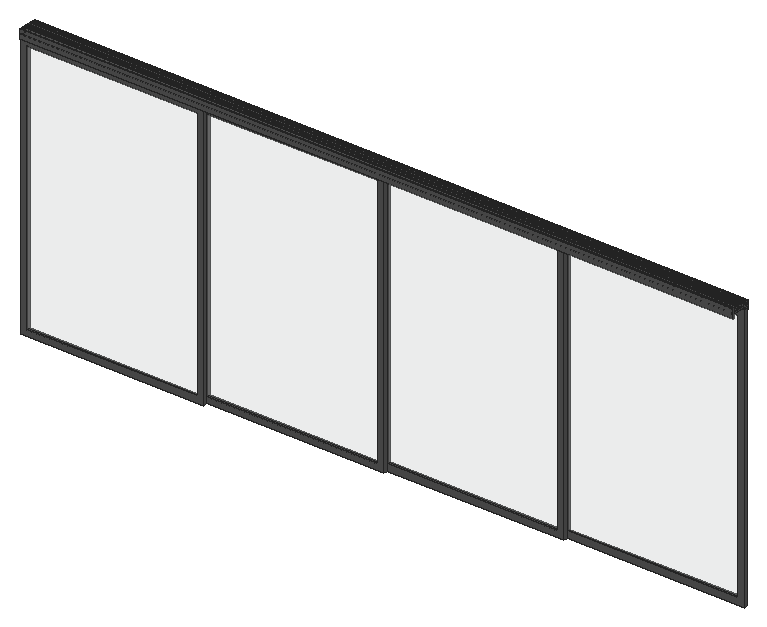
Revit family "Door_SS_The Sliding Door Company_4-Panel Quad Track", category Doors, host Wall, Revit 2019 (continued)
Automatic sketch dimensions
  Extrusion 28 sketch curve to plane 25 = 0"
  Extrusion 28 sketch curve to plane 28 = 0"
  Extrusion 28 sketch curve to plane 27 = 0"
  Extrusion 28 sketch curve to plane 8 = 0"
  plane 8 to Extrusion 28 sketch curve = 2 1/2"
  plane 24 "4" to Extrusion 28 sketch curve = 1.72884"
  Extrusion 29 sketch curve to plane 25 = 0"
  plane 28 to Extrusion 29 sketch curve = 0"
  plane 8 to Extrusion 29 sketch curve = 2 1/2"
  plane 24 "4" to Extrusion 29 sketch curve = 1.72884"
  Extrusion 30 sketch curve to plane 6 = 0"
  Extrusion 30 sketch curve to plane 26 = 0"
  Extrusion 30 sketch curve to plane 23 = 0"
  Extrusion 30 sketch curve to plane 25 = 0"
  Extrusion 30 sketch curve to plane 8 = 0"
  plane 6 to Extrusion 30 sketch curve = 2 1/2"
  plane 8 to Extrusion 30 sketch curve = 2 1/2"
  plane 24 "4" to Extrusion 30 sketch curve = 1.72884"
  plane 26 to Extrusion 31 sketch curve = 0"
  plane 6 to Extrusion 31 sketch curve = 2 1/2"
  plane 8 to Extrusion 31 sketch curve = 2 1/2"
  plane 24 "4" to Extrusion 31 sketch curve = 1.72884"
  Extrusion 32 sketch curve to plane 6 = 0"
  Extrusion 32 sketch curve to plane 26 = 0"
  Extrusion 32 sketch curve to plane 23 = 0"
  Extrusion 32 sketch curve to plane 25 = 0"
  Extrusion 32 sketch curve to plane 8 = 0"
  plane 6 to Extrusion 32 sketch curve = 2 1/2"
  plane 8 to Extrusion 32 sketch curve = 2 1/2"
  plane 24 "4" to Extrusion 32 sketch curve = 1.72884"
  plane 26 to Extrusion 33 sketch curve = 0"
  plane 6 to Extrusion 33 sketch curve = 2 1/2"
  plane 8 to Extrusion 33 sketch curve = 2 1/2"
  plane 24 "4" to Extrusion 33 sketch curve = 1.72884"
  Extrusion 34 sketch curve to plane 6 = 0"
  Extrusion 34 sketch curve to plane 26 = 0"
  Extrusion 34 sketch curve to plane 23 = 0"
  Extrusion 34 sketch curve to plane 25 = 0"
  Extrusion 34 sketch curve to plane 8 = 0"
  plane 6 to Extrusion 34 sketch curve = 2 1/2"
  plane 8 to Extrusion 34 sketch curve = 2 1/2"
  plane 24 "4" to Extrusion 34 sketch curve = 1.72884"
  plane 26 to Extrusion 35 sketch curve = 0"
  plane 6 to Extrusion 35 sketch curve = 2 1/2"
  plane 8 to Extrusion 35 sketch curve = 2 1/2"
  plane 24 "4" to Extrusion 35 sketch curve = 1.72884"
  Extrusion 36 sketch curve to plane 6 = 0"
  Extrusion 36 sketch curve to plane 26 = 0"
  Extrusion 36 sketch curve to plane 23 = 0"
  Extrusion 36 sketch curve to plane 25 = 0"
  Extrusion 36 sketch curve to plane 8 = 0"
  plane 6 to Extrusion 36 sketch curve = 2 1/2"
  plane 8 to Extrusion 36 sketch curve = 2 1/2"
  plane 24 "4" to Extrusion 36 sketch curve = 1.72884"
  plane 26 to Extrusion 37 sketch curve = 0"
  plane 6 to Extrusion 37 sketch curve = 2 1/2"
  plane 8 to Extrusion 37 sketch curve = 2 1/2"
  plane 24 "4" to Extrusion 37 sketch curve = 1.72884"
  Extrusion 38 sketch curve to plane 6 = 0"
  Extrusion 38 sketch curve to plane 26 = 0"
  Extrusion 38 sketch curve to plane 23 = 0"
  Extrusion 38 sketch curve to plane 25 = 0"
  Extrusion 38 sketch curve to plane 8 = 0"
  plane 6 to Extrusion 38 sketch curve = 2 1/2"
  plane 8 to Extrusion 38 sketch curve = 2 1/2"
  plane 24 "4" to Extrusion 38 sketch curve = 1.72884"
  plane 26 to Extrusion 39 sketch curve = 0"
  plane 6 to Extrusion 39 sketch curve = 2 1/2"
  plane 8 to Extrusion 39 sketch curve = 2 1/2"
  plane 24 "4" to Extrusion 39 sketch curve = 1.72884"
  plane 24 "4" to Extrusion 40 sketch curve = 0"  (x2)
  plane 3 "Top" to Extrusion 40 sketch curve = 0"  (x6)
  plane 22 to Extrusion 40 sketch curve = 0"  (x8)
  Extrusion 40 sketch curve to host wall = 7.11343"
  plane 22 to Extrusion 40 sketch curve = 0.02101"  (x2)
  Extrusion 40 sketch curve to Extrusion 40 sketch curve = 0.06315"
  Extrusion 40 sketch curve to Extrusion 40 sketch curve = 0.06328"  (x2)
  Extrusion 40 sketch curve to Extrusion 40 sketch curve = 0.00013"  (x3)
  Extrusion 40 sketch curve to Extrusion 40 sketch curve = 0.002"  (x2)
  Extrusion 40 sketch curve to Extrusion 40 sketch curve = 0.14606"  (x2)
  Extrusion 40 sketch curve to Extrusion 40 sketch curve = 0.008"  (x3)
  Extrusion 40 sketch curve to Extrusion 40 sketch curve = 0.1"  (x11)
  Extrusion 40 sketch curve to Extrusion 40 sketch curve = 0.09533"  (x7)
  Extrusion 40 sketch curve to Extrusion 40 sketch curve = 0.02"  (x12)
  Extrusion 40 sketch curve to Extrusion 40 sketch curve = 0.15349"  (x4)
  Extrusion 40 sketch curve to Extrusion 40 sketch curve = 0.08085"  (x4)
  Extrusion 40 sketch curve to Extrusion 40 sketch curve = 0.05913"  (x2)
  Extrusion 40 sketch curve to Extrusion 40 sketch curve = 0.12223"  (x16)
  Extrusion 40 sketch curve to Extrusion 40 sketch curve = 0.03434"  (x4)
  Extrusion 40 sketch curve to Extrusion 40 sketch curve = 0.42597"  (x4)
  Extrusion 40 sketch curve to Extrusion 40 sketch curve = 0.03482"  (x4)
  Extrusion 40 sketch curve to Extrusion 40 sketch curve = 0.95068"  (x4)
  Extrusion 40 sketch curve to Extrusion 40 sketch curve = 0.08037"  (x4)
  Extrusion 40 sketch curve to Extrusion 40 sketch curve = 0.0973"  (x6)
  Extrusion 40 sketch curve to Extrusion 40 sketch curve = 0.11533"  (x3)
  Extrusion 40 sketch curve to Extrusion 40 sketch curve = 1/8"  (x3)
  Extrusion 40 sketch curve to plane 22 = 0.1"
  plane 3 "Top" to Extrusion 40 sketch curve = 0.06195"  (x5)
  plane 22 to Extrusion 40 sketch curve = 0.05952"
  Extrusion 40 sketch curve to Extrusion 40 sketch curve = 0.04269"
  Extrusion 40 sketch curve to Extrusion 40 sketch curve = 0.03816"
  Extrusion 40 sketch curve to Extrusion 40 sketch curve = 0.14406"
  plane 3 "Top" to Extrusion 40 sketch curve = 0.03852"  (x2)
  Extrusion 40 sketch curve to Extrusion 40 sketch curve = 0.15406"
  Extrusion 40 sketch curve to Extrusion 40 sketch curve = 0.40756"
  Extrusion 40 sketch curve to Extrusion 40 sketch curve = 0.03852"  (x5)
  Extrusion 40 sketch curve to Extrusion 40 sketch curve = 0.094"  (x2)
  Extrusion 40 sketch curve to plane 22 = 0.21459"  (x4)
  Extrusion 40 sketch curve to Extrusion 40 sketch curve = 0.11459"
  Extrusion 40 sketch curve to Extrusion 40 sketch curve = 0.21459"  (x3)
  Extrusion 40 sketch curve to Extrusion 40 sketch curve = 0.10042"  (x8)
  Extrusion 40 sketch curve to Extrusion 40 sketch curve = 0.13214"
  plane 3 "Top" to Extrusion 40 sketch curve = 0.2941"
  Extrusion 40 sketch curve to Extrusion 40 sketch curve = 0.05338"  (x5)
  plane 3 "Top" to Extrusion 40 sketch curve = 0.21533"
  plane 3 "Top" to Extrusion 40 sketch curve = 0.16195"
  Opening 1 sketch curve to plane 3 "Top" = 0"
